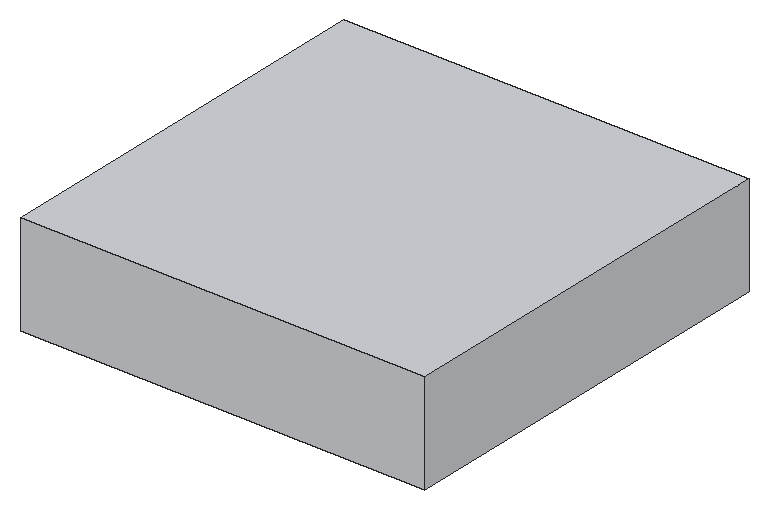
Revit family "電線管用ファミリ(片側のみ)_ver5", category Electrical Fixtures, Revit 2021
Family settings
  Maintain Annotation Orientation = No
  Round Connector Dimension = Use Diameter
  Part Type = Normal
  OmniClass Number = 23.80.00.00
  OmniClass Title = Electric Power and Lighting
  Work Plane-Based = No
  Always vertical = Yes
  Cut with Voids When Loaded = No
  Shared = No
  Room Calculation Point = No
Parameters
  コネクタ直径 [instance] = 16 mm
  W [instance] = 200 mm
  Default Elevation = 0 mm
  D [instance] = 200 mm
Reference planes
  plane 1 "Center (Front/Back)": y = 0
  plane 2: z = 0
  plane 3 "Center (Left/Right)": x = 0
  plane 4: x = -100
  plane 5: x = 100
  plane 6: y = 100
  plane 7: y = -100
  plane 8: z = 50
Forms (mm)
  Extrusion 1, solid
    sketch origin (0, 0, 0) x (1, 0, 0) y (0, 1, 0)
      loop
        line (-100, 100) -> (-100, -100) -> (100, -100) -> (100, 100) -> (-100, 100)
    from 0 to 50
Dimensions and locks
  equal spacing: plane 4, plane 3 "Center (Left/Right)", plane 5
  "W": plane 4 to plane 5
  equal spacing: plane 6, plane 1 "Center (Front/Back)", plane 7
  "D": plane 6 to plane 7
  aligned and locked: level to plane 2
  aligned and locked: Extrusion 1 sketch curve to plane 6
  aligned and locked: plane 4 to Extrusion 1 sketch curve
  aligned and locked: plane 7 to Extrusion 1 sketch curve
  aligned and locked: Extrusion 1 sketch curve to plane 5
  aligned and locked: plane 8 to Extrusion 1
Connectors
  cabletrayconduit at (0, 0, 50), diameter 16
    settings: on Extrusion 1, index 1, connector width 300 mm, connector height 300 mm, connector angle 0.00°, system type 32, placement type 0, profile type 0, connector reference index -1, is primary connector yes, connector utility param no, connector description ""
